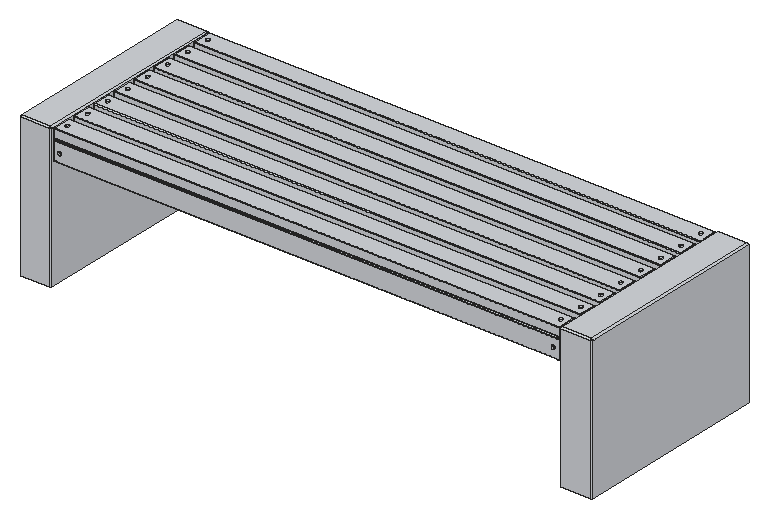
Revit family "Скамья гранитная ГС-010", category Мебель, Revit 2017
Family settings
  Номер OmniClass = 23.40.20.00
  Заголовок OmniClass = General Furniture and Specialties
  На основе рабочей плоскости = Нет
  Всегда вертикально = Да
  При загрузке вырезать с полостями = Нет
  Общий = Нет
  Точка расчета площади = Нет
Parameters (values of type "Скамья гранитная ГС-010")
  Стоимость = 57000
  Изготовитель = "Хоббика"
  Длина доски = ADSK_Размер_Длина - 200 mm  # 1600 mm
  URL = "https://hobbyka.ru/product/skamia_granitnaia_gs-010/?sphrase_id=61918#popup_window"
  ADSK_Размер_Ширина = 620 mm
  ADSK_Размер_Толщина опры = 100 mm
  ADSK_Размер_Длина = 1800 mm
  ADSK_Размер_Высота = 450 mm
  ADSK_Наименование = "Скамья гранитная ГС-010"
  ADSK_Материал фурнитуры = none
  ADSK_Материал опоры = none
  ADSK_Материал доски = none
  ADSK_Код изделия = "6906"
Reference planes
  plane 1 "По центру (Вперед/Назад)": y = 0
  plane 2: z = 0
  plane 3 "По центру (Влево/Вправо)": x = 0
  plane 4: x = -900
  plane 5: x = 900
  plane 6: x = -800.13
  plane 7: x = 799.87
Forms (mm)
  Extrusion 1, solid, not visible
    sketch origin (0, 0, 0) x (1, 0, 0) y (0, 1, 0)
      loop
        line (-800.13, -586) -> (799.87, -586) -> (799.87, -34) -> (-800.13, -34) -> (-800.13, -586)
    from 0 to 418
Dimensions and locks
  equal spacing: plane 4, plane 3 "По центру (Влево/Вправо)", plane 5
  "ADSK_Размер_Длина": plane 4 to plane 5
  "Длина доски": plane 6 to plane 7
  locked: plane 4 to plane 6 at 99.87
  plane 7 to plane 5 = 100.13 mm
  aligned and locked: level to plane 2
  aligned and locked: plane 4 to nested 1
  aligned and locked: plane 5 to nested 2
  aligned and locked: Extrusion 1 sketch curve to plane 6
  aligned and locked: Extrusion 1 sketch curve to plane 7
  aligned and locked: plane 6 to nested 4
  aligned and locked: plane 6 to nested 5
  aligned and locked: plane 6 to nested 3
  aligned and locked: nested 12 to plane 6
Automatic sketch dimensions
  plane 1 "По центру (Вперед/Назад)" to Extrusion 1 sketch curve = 586 mm
  plane 1 "По центру (Вперед/Назад)" to Extrusion 1 sketch curve = 34 mm
Nested families
  nested 1: "Опора" at (-1700.13, 0, 0) x (-1, 0, 0) z (0, 0, 1), Материал <- "ADSK_Материал опоры", type "Опора"
    with Материал none
  nested 2: "Опора" at (1700.13, 0, 0), Материал <- "ADSK_Материал опоры", type "Опора"
    with Материал none
  nested 3: "Доска" at (-800.13, -586, 413.905) x (1, 0, 0) z (0, -1, 0), Длина доски <- "Длина доски", Материал доски <- "ADSK_Материал доски", Материал фурнитуры <- "ADSK_Материал фурнитуры", type "Доска"
    with Материал фурнитуры none, Материал доски none, Длина доски 1600 mm
  nested 4: "Доска" at (-800.13, -556, 418), Длина доски <- "Длина доски", Материал доски <- "ADSK_Материал доски", Материал фурнитуры <- "ADSK_Материал фурнитуры", type "Доска"
    with Материал фурнитуры none, Материал доски none, Длина доски 1600 mm
  nested 5: "Доска" at (-800.13, -4, 418), Длина доски <- "Длина доски", Материал доски <- "ADSK_Материал доски", Материал фурнитуры <- "ADSK_Материал фурнитуры", type "Доска"
    with Материал фурнитуры none, Материал доски none, Длина доски 1600 mm
  nested 6: "Доска" at (-800.13, -477.143, 418), Длина доски <- "Длина доски", Материал доски <- "ADSK_Материал доски", Материал фурнитуры <- "ADSK_Материал фурнитуры", type "Доска"
    with Материал фурнитуры none, Материал доски none, Длина доски 1600 mm
  nested 7: "Доска" at (-800.13, -398.286, 418), Длина доски <- "Длина доски", Материал доски <- "ADSK_Материал доски", Материал фурнитуры <- "ADSK_Материал фурнитуры", type "Доска"
    with Материал фурнитуры none, Материал доски none, Длина доски 1600 mm
  nested 8: "Доска" at (-800.13, -319.429, 418), Длина доски <- "Длина доски", Материал доски <- "ADSK_Материал доски", Материал фурнитуры <- "ADSK_Материал фурнитуры", type "Доска"
    with Материал фурнитуры none, Материал доски none, Длина доски 1600 mm
  nested 9: "Доска" at (-800.13, -240.571, 418), Длина доски <- "Длина доски", Материал доски <- "ADSK_Материал доски", Материал фурнитуры <- "ADSK_Материал фурнитуры", type "Доска"
    with Материал фурнитуры none, Материал доски none, Длина доски 1600 mm
  nested 10: "Доска" at (-800.13, -161.714, 418), Длина доски <- "Длина доски", Материал доски <- "ADSK_Материал доски", Материал фурнитуры <- "ADSK_Материал фурнитуры", type "Доска"
    with Материал фурнитуры none, Материал доски none, Длина доски 1600 mm
  nested 11: "Доска" at (-800.13, -82.857, 418), Длина доски <- "Длина доски", Материал доски <- "ADSK_Материал доски", Материал фурнитуры <- "ADSK_Материал фурнитуры", type "Доска"
    with Материал фурнитуры none, Материал доски none, Длина доски 1600 mm
  nested 12: "Доска" at (799.87, -34, 413.905) x (-1, 0, 0) z (0, 1, 0), Длина доски <- "Длина доски", Материал доски <- "ADSK_Материал доски", Материал фурнитуры <- "ADSK_Материал фурнитуры", type "Доска"
    with Материал фурнитуры none, Материал доски none, Длина доски 1600 mm
Definition of nested family "Опора"
  Parameters (values of type "Опора")
    Материал [instance] = none
  Reference planes
    plane 1 "По центру (Вперед/Назад)": y = 0
    plane 2: z = 0
    plane 3 "По центру (Влево/Вправо)": x = 0
    plane 4 "Слева": x = -900
    plane 5: x = 900
    plane 6: x = -800.13
    plane 7: x = 800
    plane 8: x = -896
    plane 9: x = -804.13
    plane 10 "Низ": z = 446
    plane 11 "Верх": z = 450
  Forms (mm)
    Blend 1, solid, material <- "Материал"
      base sketch origin (0, 0, 0) x (1, 0, 0) y (0, 1, 0)
        loop
          line (-804.13, 0) -> (-896, 0) -> (-900, -4) -> (-900, -616) -> (-896, -620) -> (-804.13, -620) -> (-800.13, -616) -> (-800.13, -4) -> (-804.13, 0)
      top sketch origin (0, 0, 0) x (1, 0, 0) y (0, 1, 0)
        loop
          line (-805.787, -4) -> (-894.343, -4) -> (-896, -5.657) -> (-896, -614.343) -> (-894.343, -616) -> (-805.787, -616) -> (-804.13, -614.343) -> (-804.13, -5.657) -> (-805.787, -4)
      from 446 to 450
    Extrusion 2, solid, material <- "Материал"
      sketch origin (0, 0, 0) x (1, 0, 0) y (0, 1, 0)
        loop
          line (-900, -4) -> (-900, -616) -> (-896, -620) -> (-804.13, -620) -> (-800.13, -616) -> (-800.13, -4) -> (-804.13, 0) -> (-896, 0) -> (-900, -4)
      from 0 to 446
  Cuts and joins
    joined: Blend 1, Extrusion 2
  Dimensions and locks
    plane 4 "Слева" to plane 5 = 1800 mm
    locked: plane 4 "Слева" to plane 6 at 99.87
    locked: plane 7 to plane 5 at 100
    plane 4 "Слева" to plane 3 "По центру (Влево/Вправо)" = 900 mm
    equal spacing: plane 4 "Слева", plane 3 "По центру (Влево/Вправо)", plane 5
    locked: plane 8 to plane 4 "Слева" at 4
    locked: plane 6 to plane 9 at 4
    level to plane 10 "Низ" to plane 11 "Верх" = 446 mm locked, 4 mm locked
    aligned and locked: level to plane 2
    aligned and locked: plane 10 "Низ" to Blend 1
    aligned and locked: Blend 1 to plane 11 "Верх"
  Automatic sketch dimensions
    Blend 1 sketch curve to plane 4 "Слева" = 0 mm
    Blend 1 sketch curve to plane 8 = 0 mm  (x3)
    plane 1 "По центру (Вперед/Назад)" to Blend 1 sketch curve = 0 mm
    Blend 1 sketch curve to plane 9 = 0 mm  (x3)
    Blend 1 sketch curve to plane 6 = 0 mm
    plane 1 "По центру (Вперед/Назад)" to Blend 1 sketch curve = 4 mm  (x2)
    Blend 1 sketch curve to Blend 1 sketch curve = 612 mm
    Blend 1 sketch curve to Blend 1 sketch curve = 0 mm
    Blend 1 sketch curve to Blend 1 sketch curve = 4 mm
    plane 8 to Blend 1 sketch curve = 1.657 mm  (x2)
    Blend 1 sketch curve to plane 9 = 1.657 mm  (x2)
    plane 1 "По центру (Вперед/Назад)" to Blend 1 sketch curve = 616 mm
    Blend 1 sketch curve to Blend 1 sketch curve = 1.657 mm  (x3)
    plane 1 "По центру (Вперед/Назад)" to Blend 1 sketch curve = 5.657 mm  (x2)
    Extrusion 2 sketch curve to plane 1 "По центру (Вперед/Назад)" = 0 mm
    Extrusion 2 sketch curve to plane 4 "Слева" = 0 mm
    Extrusion 2 sketch curve to plane 8 = 0 mm  (x2)
    plane 1 "По центру (Вперед/Назад)" to Extrusion 2 sketch curve = 4 mm  (x2)
    Extrusion 2 sketch curve to Extrusion 2 sketch curve = 612 mm
    Extrusion 2 sketch curve to plane 9 = 0 mm  (x2)
    Extrusion 2 sketch curve to plane 6 = 0 mm
    Extrusion 2 sketch curve to Extrusion 2 sketch curve = 0 mm
    Extrusion 2 sketch curve to Extrusion 2 sketch curve = 4 mm
Definition of nested family "Доска"
  Parameters (values of type "Доска")
    Default Elevation = 1219.2 mm
    Материал фурнитуры [instance] = none
    Материал доски [instance] = none
    Длина доски [instance] = 1000 mm
  Reference planes
    plane 1 "По центру (Вперед/Назад)": y = 0
    plane 2: z = 0
    plane 3 "По центру (Влево/Вправо)": x = 0
    plane 4 "1": x = 4
    plane 5: x = 996
    plane 6: x = 1000
    plane 7: x = 24
    plane 8: x = 976
    plane 9: y = -30
  Forms (mm)
    Extrusion 1, solid
      sketch origin (0, 0, 0) x (1, 0, 0) y (0, 1, 0)
        loop
          line (-1219.2, 1219.2) -> (-1219.2, -1219.2) -> (1219.2, -1219.2) -> (1219.2, 1219.2) -> (-1219.2, 1219.2)
      from 0 to -304.8
    Extrusion 2, solid, material <- "Материал доски"
      sketch origin (0, 0, 0) x (0, 1, 0) y (0, 0, 1)
        loop
          line (0, 28) -> (-2, 30) -> (-58, 30) -> (-60, 28) -> (-60, 2) -> (-58, 0) -> (-2, 0) -> (0, 2) -> (0, 28)
      from 4 to 996
    Blend 3, solid, material <- "Материал доски"
      base sketch origin (0, 0, 0) x (0, 1, 0) y (0, 0, 1)
        loop
          line (0, 28) -> (-2, 30) -> (-58, 30) -> (-60, 28) -> (-60, 2) -> (-58, 0) -> (-2, 0) -> (0, 2) -> (0, 28)
      top sketch origin (0, 0, 0) x (0, 1, 0) y (0, 0, 1)
        loop
          line (-2.828, 28) -> (-57.172, 28) -> (-58, 27.172) -> (-58, 2.828) -> (-57.172, 2) -> (-2.828, 2) -> (-2, 2.828) -> (-2, 27.172) -> (-2.828, 28)
      from 4 to 0
    Blend 4, solid, material <- "Материал доски"
      base sketch origin (522.709, 0, 0) x (0, 1, 0) y (0, 0, -1)
        loop
          line (0, -28) -> (0, -2) -> (-2, 0) -> (-58, 0) -> (-60, -2) -> (-60, -28) -> (-58, -30) -> (-2, -30) -> (0, -28)
      top sketch origin (522.709, 0, 0) x (0, 1, 0) y (0, 0, -1)
        loop
          line (-2.828, -28) -> (-2, -27.172) -> (-2, -2.828) -> (-2.828, -2) -> (-57.172, -2) -> (-58, -2.828) -> (-58, -27.172) -> (-57.172, -28) -> (-2.828, -28)
      from -473.291 to -477.291
    Extrusion 5, solid, material <- "Материал фурнитуры"
      sketch origin (0, 0, 0) x (1, 0, 0) y (0, 1, 0)
        loop
          circle (24, -30) r 5
        loop
          circle (976, -30) r 5
      from 30 to 31
  Dimensions and locks
    plane 3 "По центру (Влево/Вправо)" to plane 4 "1" = 4 mm
    locked: plane 5 to plane 6 at 4
    "Длина доски": plane 3 "По центру (Влево/Вправо)" to plane 6
    plane 8 to plane 5 = 20 mm
    locked: plane 4 "1" to plane 7 at 20
    aligned and locked: plane 2 to Extrusion 1
    aligned and locked: level to Extrusion 1
    aligned and locked: Extrusion 2 to plane 4 "1"
    aligned and locked: Blend 3 to plane 4 "1"
    aligned and locked: Blend 3 to plane 3 "По центру (Влево/Вправо)"
    aligned and locked: plane 5 to Extrusion 2
    aligned and locked: plane 6 to Blend 4
    aligned and locked: Blend 4 to plane 5
    aligned and locked: Extrusion 5 to Extrusion 2
  Automatic sketch dimensions
    Extrusion 1 sketch curve to Extrusion 1 sketch curve = 2438.4 mm  (x2)
    Extrusion 2 sketch curve to level = 0 mm
    Extrusion 2 sketch curve to plane 1 "По центру (Вперед/Назад)" = 0 mm
    plane 1 "По центру (Вперед/Назад)" to Extrusion 2 sketch curve = 2 mm  (x2)
    Extrusion 2 sketch curve to Extrusion 2 sketch curve = 56 mm
    Extrusion 2 sketch curve to Extrusion 2 sketch curve = 0 mm
    level to Extrusion 2 sketch curve = 28 mm
    Extrusion 2 sketch curve to Extrusion 2 sketch curve = 2 mm  (x2)
    level to Extrusion 2 sketch curve = 2 mm  (x2)
    Extrusion 2 sketch curve to Extrusion 2 sketch curve = 26 mm
    Blend 3 sketch curve to level = 0 mm
    Blend 3 sketch curve to plane 1 "По центру (Вперед/Назад)" = 0 mm
    plane 1 "По центру (Вперед/Назад)" to Blend 3 sketch curve = 2 mm  (x2)
    Blend 3 sketch curve to Blend 3 sketch curve = 56 mm
    Blend 3 sketch curve to Blend 3 sketch curve = 0 mm
    Blend 3 sketch curve to Blend 3 sketch curve = 2 mm  (x2)
    level to Blend 3 sketch curve = 2 mm  (x3)
    Blend 3 sketch curve to Blend 3 sketch curve = 26 mm  (x2)
    level to Blend 3 sketch curve = 2.828 mm
    plane 1 "По центру (Вперед/Назад)" to Blend 3 sketch curve = 58 mm
    level to Blend 3 sketch curve = 28 mm
    Blend 3 sketch curve to Blend 3 sketch curve = 0.828 mm  (x6)
    plane 1 "По центру (Вперед/Назад)" to Blend 3 sketch curve = 2.828 mm  (x2)
    Blend 4 sketch curve to level = 0 mm
    Blend 4 sketch curve to plane 1 "По центру (Вперед/Назад)" = 0 mm
    plane 1 "По центру (Вперед/Назад)" to Blend 4 sketch curve = 2 mm  (x2)
    Blend 4 sketch curve to Blend 4 sketch curve = 56 mm
    Blend 4 sketch curve to Blend 4 sketch curve = 0 mm
    Blend 4 sketch curve to Blend 4 sketch curve = 2 mm  (x2)
    level to Blend 4 sketch curve = 2 mm  (x3)
    Blend 4 sketch curve to Blend 4 sketch curve = 26 mm  (x2)
    level to Blend 4 sketch curve = 2.828 mm
    plane 1 "По центру (Вперед/Назад)" to Blend 4 sketch curve = 58 mm
    level to Blend 4 sketch curve = 28 mm
    Blend 4 sketch curve to Blend 4 sketch curve = 0.828 mm  (x6)
    plane 1 "По центру (Вперед/Назад)" to Blend 4 sketch curve = 2.828 mm  (x2)
    Extrusion 5 sketch curve to plane 7 = 0 mm
    Extrusion 5 sketch curve to plane 8 = 0 mm
    Extrusion 5 sketch curve to plane 9 = 0 mm  (x2)
    radius of Extrusion 5 sketch curve = 5 mm  (x2)
